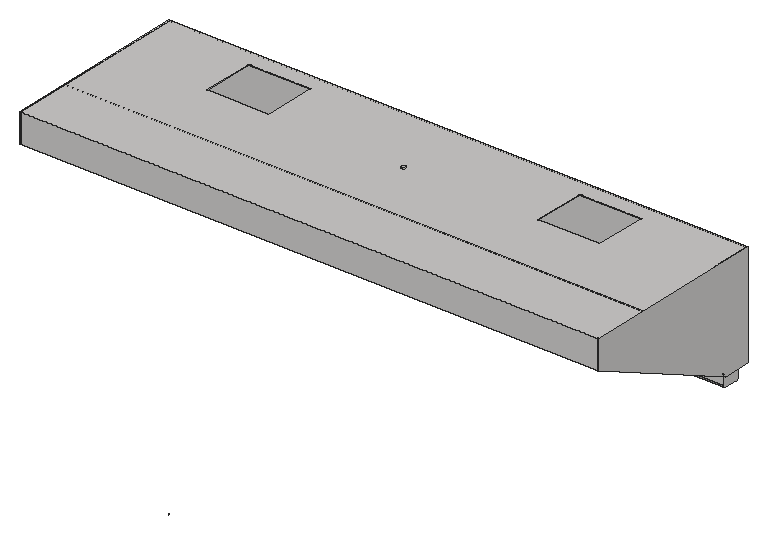
Revit family "QF_ELECTROLUXPROFESSIONAL_644187_AMPV928BT", category Specialty Equipment, Revit 2014
Reference planes
  plane 1: z = 0
  plane 2 "Center (Left/Right)": x = 150
  plane 3 "LEFT": x = -1250
  plane 4 "RIGHT": x = 1550
  plane 5 "BACK": y = 550
  plane 6 "Plane": z = 2000
  plane 7 "TOP": z = 2140
  plane 8 "Base": z = 1640
  plane 9: z = 1566
  plane 10 "DrainY": y = 485
  plane 11: x = -1247
  plane 12: through (0, 414.509, 1640.8) normal (0, 0.7314, 0.682)
  plane 13: y = 470
  plane 14: y = 220
  plane 15 "DrainX": x = 1430
  plane 16: x = -500
  plane 17: x = 800
  plane 18: x = -800
  plane 19: x = 1100
  plane 20: x = 1547
  plane 21: x = 1340
  plane 22: x = 1520
  plane 23: x = -1210
  plane 24: x = -845
  plane 25: x = -450
  plane 26: x = 1510
  plane 27: x = 1145
  plane 28: x = 750
  plane 29: y = -350
  plane 30 "Center (Front/Back)": y = 100
Forms (mm)
  Extrusion 1, solid, material "QF_Finishes_Stainless Steel"
    sketch origin (-1250, 0, 0) x (0, 1, 0) y (0, 0, 1)
      loop
        line (550, 1640) -> (550, 2140) -> (-350, 2140) -> (-350, 2000) -> (415.255, 1640) -> (550, 1640)
    from 0 to 3
  Extrusion 2, solid, material "QF_Finishes_Stainless Steel"
    sketch origin (150, 0, 0) x (0, 1, 0) y (0, 0, 1)
      loop
        line (415.255, 1640) -> (550, 1640) -> (550, 2139.19) -> (549.2, 2139.19) -> (549.2, 1640.8) -> (415.876, 1640.8) -> (339.347, 1722.867) -> (349.609, 1732.436) -> (348.927, 1733.167) -> (337.934, 1722.917) -> (415.255, 1640)
      loop
        line (-82.203, 2139.19) -> (-82.203, 2118.6) -> (-31.047, 2118.6) -> (34.354, 2048.466) -> (46.028, 2059.352) -> (45.346, 2060.083) -> (34.403, 2049.879) -> (-30.612, 2119.6) -> (-81.203, 2119.6) -> (-81.203, 2139.19) -> (-82.203, 2139.19)
    from -1397 to 1397
  Extrusion 3, solid, material "QF_Finishes_Stainless Steel"
    sketch origin (1550, 0, 0) x (0, 1, 0) y (0, 0, 1)
      loop
        line (550, 1640) -> (550, 2140) -> (-350, 2140) -> (-350, 2000) -> (415.255, 1640) -> (550, 1640)
    from 0 to -3
  Extrusion 4, solid, material "QF_Finishes_Stainless Steel"
    sketch origin (150, 0, 0) x (0, 1, 0) y (0, 0, 1)
      loop
        line (-350, 2140) -> (-350, 2000) -> (-349.2, 2000) -> (-349.2, 2139.19) -> (550, 2139.19) -> (550, 2140) -> (-350, 2140)
    from -1400 to 1400
  Extrusion 5, solid, material "QF_Finishes_Stainless Steel"
    sketch origin (150, 0, 0) x (0, 1, 0) y (0, 0, 1)
      loop
        line (534, 1640) -> (436, 1640) -> (436, 1627) -> (443.5, 1627) -> (443.5, 1576)
        arc (443.5, 1576) -> (446.429, 1568.929) -> (453.5, 1566) r 10
        line (453.5, 1566) -> (516.5, 1566)
        arc (516.5, 1566) -> (523.571, 1568.929) -> (526.5, 1576) r 10
        line (526.5, 1576) -> (526.5, 1627) -> (534, 1627) -> (534, 1640)
    from 1190 to 1370
  Extrusion 6, solid, material "QF_Finishes_Stainless Steel"
    sketch origin (0, 0, 1640) x (0, 1, 0) y (-1, 0, 0)
      loop
        circle (485, -1430) r 20
    from -76 to -74
  Extrusion 7, solid, material "QF_Finished_Chrome"
    sketch origin (150, 0, 0) x (0, 1, 0) y (0, 0, 1)
      loop
        line (337.934, 1722.917) -> (341.591, 1726.327) -> (38.011, 2051.876) -> (34.354, 2048.466) -> (337.934, 1722.917)
    from -995 to -1360
  Extrusion 8, solid, material "QF_Finished_Chrome"
    sketch origin (150, 0, 0) x (0, 1, 0) y (0, 0, 1)
      loop
        line (337.934, 1722.917) -> (341.591, 1726.327) -> (38.011, 2051.876) -> (34.354, 2048.466) -> (337.934, 1722.917)
    from 600 to -600
  Extrusion 9, solid, material "QF_Finishes_Stainless Steel"
    sketch origin (150, 0, 0) x (0, 1, 0) y (0, 0, 1)
      loop
        line (337.934, 1722.917) -> (341.591, 1726.327) -> (38.011, 2051.876) -> (34.354, 2048.466) -> (337.934, 1722.917)
    from 1397 to 1360
  Extrusion 10, solid, material "QF_Finishes_Stainless Steel"
    sketch origin (150, 0, 0) x (0, 1, 0) y (0, 0, 1)
      loop
        line (341.588, 1726.324) -> (38.009, 2051.874) -> (34.354, 2048.466) -> (337.934, 1722.917) -> (341.588, 1726.324)
    from -995 to -600
  Extrusion 11, solid, material "QF_Finished_Chrome"
    sketch origin (150, 0, 0) x (0, 1, 0) y (0, 0, 1)
      loop
        line (341.588, 1726.324) -> (38.009, 2051.874) -> (34.354, 2048.466) -> (337.934, 1722.917) -> (341.588, 1726.324)
    from 995 to 1360
  Extrusion 12, void
    sketch origin (0, 0, 2140) x (0, 1, 0) y (-1, 0, 0)
      loop
        line (470, 800) -> (220, 800) -> (220, 500) -> (470, 500) -> (470, 800)
    from 0 to -10
  Extrusion 13, void
    sketch origin (940, 0, 2140) x (0, 1, 0) y (-1, 0, 0)
      loop
        line (470, 140) -> (220, 140) -> (220, -160) -> (470, -160) -> (470, 140)
    from 0 to -10
  Extrusion 14, solid, material "QF_Finishes_Stainless Steel"
    sketch origin (0, 0, 0) x (1, 0, 0) y (0, 1, 0)
      loop
        line (-1250, 550) -> (-1250, 549) -> (-1249, 549) -> (-1249, 550) -> (-1250, 550)
    from 0 to 1
  Extrusion 15, solid, material "QF_Finishes_Stainless Steel"
    sketch origin (150, 0, 0) x (0, 1, 0) y (0, 0, 1)
      loop
        line (337.934, 1722.917) -> (341.591, 1726.327) -> (38.011, 2051.876) -> (34.354, 2048.466) -> (337.934, 1722.917)
    from -1360 to -1397
  Extrusion 16, solid, material "QF_Finishes_Stainless Steel"
    sketch origin (150, 0, 0) x (0, 1, 0) y (0, 0, -1)
      loop
        line (341.588, -1726.324) -> (337.934, -1722.917) -> (34.354, -2048.466) -> (38.009, -2051.874) -> (341.588, -1726.324)
    from -995 to -600
  Extrusion 17, solid, material "QF_Finishes_Stainless Steel"
    sketch origin (0, 0, 2140) x (0, 1, 0) y (-1, 0, 0)
      loop
        circle (220, -150) r 10
    from 0 to 1.6
Cuts and joins
  Extrusion 12, Extrusion 13 cuts Extrusion 4
  joined: Extrusion 2, Extrusion 4
Lines and regions (mm)
  reference lines
    curve 1: line (150, 34.354, 2048.466) -> (150, 34.354, 1888.466)
  symbolic lines, style "SpecialityEquipment", detail levels coarse
    curve 2: line (1550, 550, 2140) -> (-1250, 550, 2140)
    curve 3: line (-1250, 550, 2140) -> (-1250, -350, 2140)
    curve 4: line (1550, -350, 2140) -> (1550, 550, 2140)
    curve 5: line (-1250, -350, 2140) -> (1550, -350, 2140)
    curve 6: line (-800, 220, 2140) -> (-500, 220, 2140)
    curve 7: line (-800, 470, 2140) -> (-800, 220, 2140)
    curve 8: line (-500, 470, 2140) -> (-800, 470, 2140)
    curve 9: line (-500, 220, 2140) -> (-500, 470, 2140)
    curve 10: line (800, 470, 2140) -> (800, 220, 2140)
    curve 11: line (800, 220, 2140) -> (1100, 220, 2140)
    curve 12: line (1100, 470, 2140) -> (800, 470, 2140)
    curve 13: line (1100, 220, 2140) -> (1100, 470, 2140)
  symbolic lines, detail levels coarse
    curve 14: line (-1250, -350, 0) -> (1550, 550, 0)
    curve 15: line (1550, -350, 0) -> (-1250, 550, 0)
Dimensions and locks
  plane 3 "LEFT" to plane 4 "RIGHT" = 2800 mm
  equal spacing: plane 3 "LEFT", plane 2 "Center (Left/Right)", plane 4 "RIGHT"
  locked: plane 6 "Plane" to level at 2000
  plane 7 "TOP" to plane 6 "Plane" = 140 mm
  locked: plane 7 "TOP" to plane 8 "Base" at 500
  plane 8 "Base" to plane 9 = 74 mm
  plane 5 "BACK" to plane 10 "DrainY" = 65 mm  (x2)
  plane 3 "LEFT" to plane 11 = 3 mm
  plane 5 "BACK" to plane 13 = 80 mm
  plane 13 to plane 14 = 250 mm  (x2)
  plane 15 "DrainX" to plane 4 "RIGHT" = 120 mm
  locked: plane 16 to plane 17 at 1300
  equal spacing: plane 16, plane 2 "Center (Left/Right)", plane 17
  plane 18 to plane 16 = 300 mm
  plane 17 to plane 19 = 300 mm
  plane 20 to plane 4 "RIGHT" = 3 mm
  locked: plane 21 to plane 15 "DrainX" at 90
  locked: plane 15 "DrainX" to plane 22 at 90
  plane 13 to plane 5 "BACK" = 80 mm
  locked: plane 3 "LEFT" to plane 23 at 40
  locked: plane 23 to plane 24 at 365
  locked: plane 24 to plane 25 at 395
  locked: plane 26 to plane 27 at 365
  locked: plane 27 to plane 28 at 395
  locked: plane 26 to plane 4 "RIGHT" at 40
  plane 25 to plane 28 = 1200 mm
  plane 5 "BACK" to plane 29 = 900 mm  (x2)
  equal spacing: plane 5 "BACK", plane 30 "Center (Front/Back)", plane 29
  plane 14 to plane 29 = 570 mm
  aligned and locked: level to plane 1
  aligned and locked: Extrusion 2 to Extrusion 1
  aligned and locked: Extrusion 2 to Extrusion 3
  aligned and locked: plane 4 "RIGHT" to Extrusion 4
  aligned and locked: Extrusion 4 to plane 3 "LEFT"
  aligned and locked: plane 20 to Extrusion 9
  aligned and locked: plane 18 to Extrusion 12
  aligned and locked: Extrusion 12 to plane 16
  aligned and locked: Extrusion 12 to plane 14
  aligned and locked: Extrusion 12 to plane 13
  aligned and locked: Extrusion 13 to plane 19
  aligned and locked: plane 17 to Extrusion 13
  aligned and locked: Extrusion 2 to Extrusion 4
  aligned and locked: plane 22 to Extrusion 5
  aligned and locked: Extrusion 5 to plane 21
  aligned and locked: Extrusion 9 to plane 26
  aligned and locked: Extrusion 11 to plane 26
  aligned and locked: Extrusion 11 to plane 27
  aligned and locked: Extrusion 8 to plane 28
  aligned and locked: Extrusion 8 to plane 25
  aligned and locked: plane 25 to Extrusion 10
  aligned and locked: Extrusion 10 to plane 24
  aligned and locked: plane 24 to Extrusion 7
  aligned and locked: Extrusion 7 to plane 23
  aligned and locked: Extrusion 15 to plane 11
  aligned and locked: plane 23 to Extrusion 15
  aligned and locked: Extrusion 16 to plane 28
  aligned and locked: Extrusion 16 to plane 27
  aligned and locked: Extrusion 3 to plane 20
Automatic sketch dimensions
  curve 5 to plane 3 "LEFT" = 0 mm
  curve 9 to plane 14 = 0 mm
  curve 10 to plane 14 = 0 mm
  plane 13 to curve 8 = 0 mm
  plane 13 to curve 12 = 0 mm
  curve 3 to plane 5 "BACK" = 0 mm
  curve 5 to plane 4 "RIGHT" = 0 mm
  curve 11 to plane 19 = 0 mm
  curve 10 to plane 17 = 0 mm
  curve 6 to plane 16 = 0 mm
  curve 6 to plane 18 = 0 mm
  Extrusion 2 sketch curve to plane 12 = 0 mm  (x3)
  Extrusion 2 sketch curve to plane 8 "Base" = 0 mm
  plane 12 to Extrusion 2 sketch curve = 0 mm
  Extrusion 2 sketch curve to plane 5 "BACK" = 0 mm
  Extrusion 2 sketch curve to Extrusion 2 sketch curve = 65.646 mm
  Extrusion 2 sketch curve to Extrusion 2 sketch curve = 0.682 mm  (x2)
  Extrusion 2 sketch curve to Extrusion 2 sketch curve = 10.261 mm
  plane 8 "Base" to Extrusion 2 sketch curve = 82.917 mm
  Extrusion 2 sketch curve to Extrusion 2 sketch curve = 10.942 mm
  Extrusion 2 sketch curve to Extrusion 2 sketch curve = 0.049 mm
  Extrusion 2 sketch curve to plane 7 "TOP" = 20.4 mm
  Extrusion 2 sketch curve to plane 7 "TOP" = 21.4 mm
  Extrusion 2 sketch curve to plane 7 "TOP" = 0.81 mm  (x2)
  Extrusion 2 sketch curve to Extrusion 2 sketch curve = 50.156 mm
  Extrusion 2 sketch curve to Extrusion 2 sketch curve = 1 mm
  plane 8 "Base" to Extrusion 2 sketch curve = 0.8 mm
  Extrusion 2 sketch curve to plane 5 "BACK" = 0.8 mm
  Extrusion 4 sketch curve to plane 6 "Plane" = 0 mm
  Extrusion 4 sketch curve to plane 5 "BACK" = 0 mm
  Extrusion 4 sketch curve to plane 7 "TOP" = 0 mm
  Extrusion 4 sketch curve to plane 7 "TOP" = 0.81 mm
  curve 1 to plane 12 = 0 mm
  curve 1 to plane 6 "Plane" = 111.534 mm
  Extrusion 5 sketch curve to plane 8 "Base" = 0 mm
  Extrusion 5 sketch curve to plane 9 = 0 mm
  Extrusion 5 sketch curve to plane 8 "Base" = 13 mm  (x2)
  plane 13 to Extrusion 5 sketch curve = 34 mm
  Extrusion 5 sketch curve to Extrusion 5 sketch curve = 7.5 mm  (x2)
  Extrusion 5 sketch curve to Extrusion 5 sketch curve = 10 mm
  plane 10 "DrainY" to Extrusion 5 sketch curve = 31.5 mm
  Extrusion 5 sketch curve to plane 5 "BACK" = 23.5 mm
  Extrusion 6 sketch curve to plane 10 "DrainY" = 0 mm
  Extrusion 6 sketch curve to plane 15 "DrainX" = 0 mm
  Extrusion 7 sketch curve to plane 12 = 0 mm  (x2)
  Extrusion 7 sketch curve to Extrusion 7 sketch curve = 3.657 mm
  plane 8 "Base" to Extrusion 7 sketch curve = 82.917 mm
  Extrusion 8 sketch curve to plane 12 = 0 mm  (x2)
  Extrusion 8 sketch curve to Extrusion 8 sketch curve = 3.657 mm
  plane 8 "Base" to Extrusion 8 sketch curve = 82.917 mm
  Extrusion 9 sketch curve to plane 12 = 0 mm  (x2)
  Extrusion 9 sketch curve to Extrusion 9 sketch curve = 3.657 mm
  plane 8 "Base" to Extrusion 9 sketch curve = 82.917 mm
  Extrusion 10 sketch curve to plane 12 = 0 mm  (x2)
  Extrusion 10 sketch curve to Extrusion 10 sketch curve = 3.655 mm
  plane 8 "Base" to Extrusion 10 sketch curve = 82.917 mm
  Extrusion 11 sketch curve to plane 12 = 0 mm  (x2)
  Extrusion 11 sketch curve to Extrusion 11 sketch curve = 3.655 mm
  plane 8 "Base" to Extrusion 11 sketch curve = 82.917 mm
  Extrusion 12 sketch curve to plane 14 = 0 mm
  plane 13 to Extrusion 12 sketch curve = 0 mm
  Extrusion 12 sketch curve to plane 16 = 0 mm
  Extrusion 12 sketch curve to plane 18 = 0 mm
  Extrusion 13 sketch curve to plane 14 = 0 mm
  plane 13 to Extrusion 13 sketch curve = 0 mm
  Extrusion 13 sketch curve to plane 19 = 0 mm
  Extrusion 13 sketch curve to plane 17 = 0 mm
  Extrusion 14 sketch curve to plane 3 "LEFT" = 0 mm
  Extrusion 14 sketch curve to plane 5 "BACK" = 0 mm
  plane 3 "LEFT" to Extrusion 14 sketch curve = 1 mm
  Extrusion 14 sketch curve to plane 5 "BACK" = 1 mm
  Extrusion 15 sketch curve to plane 12 = 0 mm  (x2)
  Extrusion 15 sketch curve to Extrusion 15 sketch curve = 3.657 mm
  plane 8 "Base" to Extrusion 15 sketch curve = 82.917 mm
  Extrusion 16 sketch curve to plane 12 = 0 mm  (x2)
  Extrusion 16 sketch curve to Extrusion 16 sketch curve = 3.655 mm
  plane 8 "Base" to Extrusion 16 sketch curve = 82.917 mm
  Extrusion 4 sketch curve to Extrusion 4 sketch curve = 0.8 mm
  curve 5 to plane 29 = 0 mm
  plane 6 "Plane" to Extrusion 2 sketch curve = 48.466 mm
  plane 29 to Extrusion 4 sketch curve = 0.8 mm
  curve 1 to plane 14 = 185.646 mm
  plane 6 "Plane" to Extrusion 7 sketch curve = 51.876 mm
  plane 6 "Plane" to Extrusion 8 sketch curve = 51.876 mm
  plane 6 "Plane" to Extrusion 9 sketch curve = 51.876 mm
  plane 6 "Plane" to Extrusion 10 sketch curve = 51.874 mm
  plane 6 "Plane" to Extrusion 11 sketch curve = 51.874 mm
  plane 6 "Plane" to Extrusion 15 sketch curve = 51.876 mm
  plane 6 "Plane" to Extrusion 16 sketch curve = 51.874 mm
  Extrusion 3 sketch curve to plane 5 "BACK" = 0 mm
  Extrusion 3 sketch curve to plane 7 "TOP" = 0 mm
  Extrusion 3 sketch curve to plane 6 "Plane" = 0 mm
  Extrusion 1 sketch curve to plane 8 "Base" = 0 mm
  plane 12 to Extrusion 1 sketch curve = 0 mm
  Extrusion 1 sketch curve to plane 5 "BACK" = 0 mm
  Extrusion 1 sketch curve to plane 7 "TOP" = 0 mm
  Extrusion 1 sketch curve to plane 29 = 0 mm
  Extrusion 1 sketch curve to plane 6 "Plane" = 0 mm
  Extrusion 3 sketch curve to plane 29 = 0 mm
  Extrusion 3 sketch curve to plane 8 "Base" = 0 mm
  plane 12 to Extrusion 3 sketch curve = 0 mm
  curve 15 to plane 3 "LEFT" = 0 mm
  curve 14 to plane 3 "LEFT" = 0 mm
  curve 15 to plane 4 "RIGHT" = 0 mm
  curve 14 to plane 4 "RIGHT" = 0 mm
  curve 15 to plane 29 = 0 mm
  curve 14 to plane 29 = 0 mm
  curve 15 to plane 5 "BACK" = 0 mm
  curve 14 to plane 5 "BACK" = 0 mm
  Extrusion 17 sketch curve to plane 2 "Center (Left/Right)" = 0 mm
  Extrusion 17 sketch curve to plane 14 = 0 mm
  radius of Extrusion 6 sketch curve = 20 mm
  radius of Extrusion 17 sketch curve = 10 mm
Connectors
  piping at (1430, 485, 1564), diameter 20
    settings: on Extrusion 6, index 1, connector inside diameter 609.6 mm, connector length 0 mm, flow factor 0, pipe flow 0.0 L/s, pressure drop 0.0 Pa, fitting loss kfactor 0, connector angle 0.00°, fixture units 0, engagement length 0 mm, angle of deflection 0.00°, flow configuration 1, flow direction 2, fitting loss method 0, system type 16, joint type 0, gender type 0, connector reference index -1, connector utility 0, adjustable connector no, is connector primary yes, connector description "Drain"
  hvac at (-650, 345, 2140)
    settings: on Extrusion 12, index 2, duct flow 0.0 L/s, flow factor 0, pres drop 0.0 Pa, loss coef 0, conn angle 0.00°, conn width 250 mm, conn height 300 mm, conn diameter 609.6 mm, duct sys type 3, conn prof type 1, flow config 1, flow direction 2, loss method 0, conn ref index -1, conn util no, is conn primary yes, conn desc "EXHAUST OUTLET"
  hvac at (950, 345, 2140)
    settings: on Extrusion 13, index 3, duct flow 0.0 L/s, flow factor 0, pres drop 0.0 Pa, loss coef 0, conn angle 0.00°, conn width 250 mm, conn height 300 mm, conn diameter 609.6 mm, duct sys type 3, conn prof type 1, flow config 1, flow direction 2, loss method 0, conn ref index -1, conn util no, is conn primary no, conn desc "EXHAUST OUTLET"
  electrical at (150, 220, 2140)
    settings: on Extrusion 17, index 4, voltage 0 V, apparent load 0 VA, apparent load phase1 0 VA, apparent load phase2 0 VA, apparent load phase3 0 VA, power factor 1, load classification "Other", number of poles 1, system type 30, power factor state 1, is connector primary yes, connector utility no, sub classification motor no, connector description "Electrical Connection"
